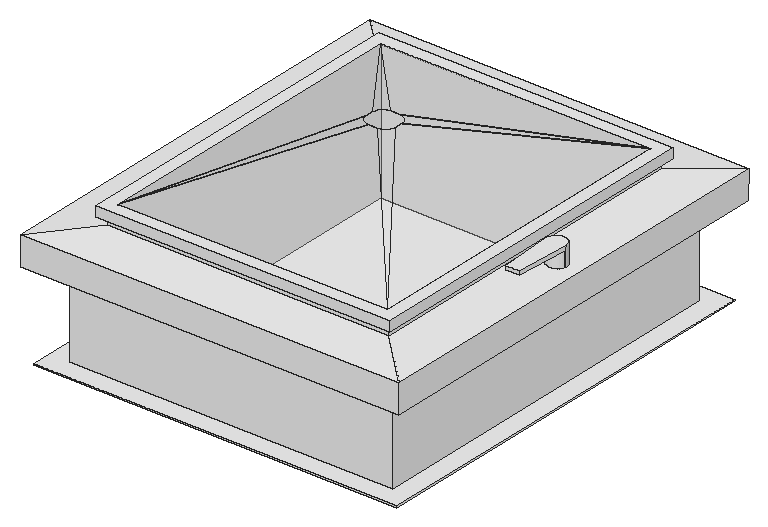
Revit family "Roof_Hatch-Best-Access-Doors-Domed-BA-ALRH-DO_Series", category Specialty Equipment, host Face, Revit 2017
Family settings
  Host = Face
  Round Connector Dimension = Use Diameter
  Part Type = Normal
  OmniClass Number = 23.40.00.00
  Cut with Voids When Loaded = Yes
  Shared = Yes
  Room Calculation Point = No
Parameters (values of type "BA-ALRH-DO-3844")
  Width = 30"
  URL = "https://www.bestaccessdoors.com/"
  Type Comments = ""
  Revised Date = "08/29/2018"  # constant formula
  Product data url = "https://bimobject.com/best-access-doors/product/domed-roof-hatch-aluminum"
  Product Page URL = ""
  Product Documentation Link = ""
  Model = "BA-ALRH-DO-3844"
  Material = "Aluminum-Best Access Doors-Mill Finish"  # constant formula
  Manufacturer = "Best Access Doors"  # constant formula
  Length = 12"  # constant formula
  Installation Type = "Surface Mount"  # constant formula
  Height = 36"
  Finish = Aluminum-Best Access Doors-Mill Finish
  Description = "Aluminum Domed Roof Hatch"  # constant formula
  Default Elevation = 0"  # constant formula
  Creation Date = "08/29/2018"  # constant formula
  Assembly Code = "C1020700"
Types (5): name | Width | Model | Height
  BA-ALRH-DO-3232 | 24" | "BA-ALRH-DO-3232" | 24"
  BA-ALRH-DO-3244 | 24" | "BA-ALRH-DO-3244" | 36"
  BA-ALRH-DO-3838 | 30" | "BA-ALRH-DO-3838" | 30"
  BA-ALRH-DO-3844 | 30" | "BA-ALRH-DO-3844" | 36"
  BA-ALRH-DO-4444 | 36" | "BA-ALRH-DO-4444" | 36"
Reference planes (in)
  plane 1 "Center (Front/Back)": y = 0
  plane 2: z = 0
  plane 3 "Center (Left/Right)": x = 0
  plane 4: x = 19.28125
  plane 5: x = -19.28125
  plane 6: y = 18
  plane 7: y = -18
  plane 8: x = 15
  plane 9: x = -15
  plane 10: z = 12
  plane 11: y = 22.287
  plane 12: y = -22.287
  plane 13: x = 11
  plane 14: x = 17
Forms (in)
  Sweep 1, solid, material "Aluminum-Best Access Doors-Mill Finish" <- "Finish"
    path origin (0, 0, 0) x (1, 0, 0) y (0, 1, 0)
      loop
        line (-15, 18) -> (-15, -18) -> (15, -18) -> (15, 18) -> (-15, 18)
    profile origin (0, 18, 0) x (0, 1, 0) y (0, 0, 1)
      loop
        line (-1.25, 0) -> (1.5, 0) -> (3.5, 0) -> (3.5, 0.125) -> (1.5, 0.125) -> (1.5, 8.08984) -> (2.25, 8.08984) -> (2.25, 9.08984) -> (4.287, 9.08984) -> (4.287, 12)
        arc (4.287, 12) -> (1.82612, 12.26049) -> (-0.64261, 12.43128) r 68.01455
        line (-0.64261, 12.43128) -> (-0.64261, 13.25) -> (0, 13.25) -> (0, 14.25) -> (-1.25, 14.25) -> (-1.25, 0)
  Extrusion 2, solid, material "Aluminum-Best Access Doors-Mill Finish" <- "Finish"
    sketch origin (0, 0, 0) x (1, 0, 0) y (0, 1, 0)
      loop
        line (-15, 18) -> (-15, -18) -> (15, -18) -> (15, 18) -> (-15, 18)
    from 0 to 0.125
  Extrusion 3, solid, material "Stainless Steel-Best Access Doors-Zinc Plated"
    sketch origin (3, 0, 0) x (1, 0, 0) y (0, 1, 0)
      loop
        line (13.28618, -4.82978) -> (14.71382, -4.82978) -> (14.99863, 0.6048)
        arc (14.99863, 0.6048) -> (14, 1.65713) -> (13.00137, 0.6048) r 1
        line (13.00137, 0.6048) -> (13.28618, -4.82978)
    from 12 to 14.00968
  Extrusion 4, void
    sketch origin (3, 0, 0) x (1, 0, 0) y (0, 1, 0)
      loop
        line (13.01417, 0.48937) -> (12.67599, 0.48937) -> (12.67599, -5.50698) -> (15.32401, -5.50698) -> (15.32401, 0.48937) -> (14.98583, 0.48937)
        arc (14.98583, 0.48937) -> (14, -0.34287) -> (13.01417, 0.48937) r 1
    from 12 to 13.62276
  Blend 5, solid, material "Glass-Best Access Doors-Clear"
    base sketch origin (0, 0, 0) x (1, 0, 0) y (0, 1, 0)
      loop
        line (-13.75, 16.75) -> (-13.75, -16.75) -> (13.75, -16.75) -> (13.75, 16.75) -> (-13.75, 16.75)
    top sketch origin (0, 0, 0) x (1, 0, 0) y (0, 1, 0)
      loop
        arc (-0.48261, 1.41233) -> (-1.18972, 1.11944) -> (-1.48261, 0.41233) r 1
        line (-1.48261, 0.41233) -> (-1.48261, -0.41233)
        arc (-1.48261, -0.41233) -> (-1.18972, -1.11944) -> (-0.48261, -1.41233) r 1
        line (-0.48261, -1.41233) -> (0.48261, -1.41233)
        arc (0.48261, -1.41233) -> (1.18972, -1.11944) -> (1.48261, -0.41233) r 1
        line (1.48261, -0.41233) -> (1.48261, 0.41233)
        arc (1.48261, 0.41233) -> (1.18972, 1.11944) -> (0.48261, 1.41233) r 1
        line (0.48261, 1.41233) -> (-0.48261, 1.41233)
    from 14.25 to 19.45479
Cuts and joins
  Extrusion 4 cuts Extrusion 2
  joined: Sweep 1, Extrusion 2
  Extrusion 4 cuts Extrusion 3
Lines and regions (in)
  Masking region 1
    outline origin (0, 0, 0) x (1, 0, 0) y (0, 1, 0)
      loop
        line (-19.287, 22.287) -> (-19.287, -22.287) -> (19.287, -22.287) -> (19.287, 22.287) -> (-19.287, 22.287)
  symbolic lines, detail levels medium+fine
    curve 1: line (-15, 18, 0) -> (15, 18, 0)
    curve 2: line (-15, -18, 0) -> (-15, 18, 0)
    curve 3: line (15, -18, 0) -> (-15, -18, 0)
    curve 4: line (15, 18, 0) -> (15, -18, 0)
    curve 5: line (-13.75, 16.75, 0) -> (13.75, 16.75, 0)
    curve 6: line (-13.75, -16.75, 0) -> (-13.75, 16.75, 0)
    curve 7: line (13.75, -16.75, 0) -> (-13.75, -16.75, 0)
    curve 8: line (13.75, 16.75, 0) -> (13.75, -16.75, 0)
    curve 9: line (16.00137, 0.6048, 0) -> (16.28618, -4.82978, 0)
    curve 10: line (16.28618, -4.82978, 0) -> (17.71382, -4.82978, 0)
    curve 11: line (17.71382, -4.82978, 0) -> (17.99863, 0.6048, 0)
    curve 12: arc (17.99863, 0.6048, 0) -> (17, 1.65713, 0) -> (16.00137, 0.6048, 0) r 1
    curve 13: line (-19.287, 22.287, 0) -> (-15, 18, 0)
    curve 14: line (15, 18, 0) -> (19.287, 22.287, 0)
    curve 15: line (15, -18, 0) -> (19.287, -22.287, 0)
    curve 16: line (-15, -18, 0) -> (-19.287, -22.287, 0)
Dimensions and locks (in)
  "Height": plane 6 to plane 7
  equal spacing: plane 9, plane 3 "Center (Left/Right)", plane 8
  "Width": plane 9 to plane 8
  locked: plane 5 to plane 9 at 4.28125
  locked: plane 8 to plane 4 at 4.28125
  "Length": plane 10 to level
  locked: plane 11 to plane 6 at 4.287
  equal spacing: plane 6, plane 1 "Center (Front/Back)", plane 7
  locked: plane 7 to plane 12 at 4.287
  locked: plane 10 to Sweep 1 sketch curve at 2.91016
  locked: plane 10 to Sweep 1 sketch curve at 3.91016
  locked: plane 11 to Sweep 1 sketch curve at 2.037
  locked: Sweep 1 sketch curve to plane 6 at 1.5
  locked: Sweep 1 sketch curve to level at 0.125
  locked: plane 11 to Sweep 1 sketch curve at 0.787
  locked: plane 8 to plane 14 at 2
  locked: plane 1 "Center (Front/Back)" to Extrusion 3 sketch curve at 0.65713
  equal spacing: Extrusion 4 sketch curve, plane 14, Extrusion 4 sketch curve
  locked: Extrusion 4 sketch curve to Extrusion 4 sketch curve at 2.64803
  locked: Extrusion 4 sketch curve to plane 1 "Center (Front/Back)" at 5.50698
  locked: Extrusion 4 sketch curve to plane 1 "Center (Front/Back)" at 0.48937
  locked: Sweep 1 sketch curve to plane 10 at 0.43128
  locked: plane 6 to Sweep 1 sketch curve at 0.64261
  locked: Sweep 1 sketch curve to Sweep 1 sketch curve at 1
  locked: Sweep 1 sketch curve to plane 10 at 2.25
  locked: plane 6 to Sweep 1 sketch curve at 1.25
  equal spacing: Blend 5 sketch curve, plane 1 "Center (Front/Back)", Blend 5 sketch curve
  locked: Blend 5 sketch curve to Blend 5 sketch curve at 2.82466
  equal spacing: Blend 5 sketch curve, plane 3 "Center (Left/Right)", Blend 5 sketch curve
  locked: Blend 5 sketch curve to Blend 5 sketch curve at 2.96523
  diameter of Extrusion 3 sketch curve = 2"
  aligned and locked: plane 2 to host face
  aligned and locked: level to host face
  aligned and locked: Sweep 1 sketch curve to plane 6
  aligned and locked: Sweep 1 sketch curve to plane 9
  aligned and locked: Sweep 1 sketch curve to plane 7
  aligned and locked: Sweep 1 sketch curve to plane 8
  aligned and locked: plane 11 to Sweep 1 sketch curve  (x2)
  aligned and locked: level to Sweep 1 sketch curve
  aligned and locked: Extrusion 2 to level
  aligned and locked: plane 14 to Extrusion 3 sketch curve
  aligned and locked: Extrusion 4 sketch curve to cut or joined group of Extrusion 3, Extrusion 4
  aligned and locked: Extrusion 4 sketch curve to Extrusion 4 sketch curve
  aligned and locked: plane 10 to Sweep 1 sketch curve
  aligned and locked: plane 6 to Sweep 1 sketch curve
  aligned and locked: cut or joined group of Sweep 1, Extrusion 2, Extrusion 4 to cut or joined group of Sweep 1, Extrusion 2, Extrusion 4
  aligned and locked: Blend 5 sketch curve to cut or joined group of Sweep 1, Extrusion 2, Extrusion 4  (x4)
  aligned and locked: Masking region 1 sketch curve to cut or joined group of Sweep 1, Extrusion 2, Extrusion 4  (x4)
  aligned and locked: curve 1 to cut or joined group of Sweep 1, Extrusion 2, Extrusion 4
  aligned and locked: curve 2 to cut or joined group of Sweep 1, Extrusion 2, Extrusion 4
  aligned and locked: curve 3 to cut or joined group of Sweep 1, Extrusion 2, Extrusion 4
  aligned and locked: curve 4 to cut or joined group of Sweep 1, Extrusion 2, Extrusion 4
  aligned and locked: curve 5 to cut or joined group of Sweep 1, Extrusion 2, Extrusion 4
  aligned and locked: curve 6 to cut or joined group of Sweep 1, Extrusion 2, Extrusion 4
  aligned and locked: curve 7 to cut or joined group of Sweep 1, Extrusion 2, Extrusion 4
  aligned and locked: curve 8 to cut or joined group of Sweep 1, Extrusion 2, Extrusion 4
  aligned and locked: curve 10 to cut or joined group of Extrusion 3, Extrusion 4
  aligned and locked: curve 11 to cut or joined group of Extrusion 3, Extrusion 4
  aligned and locked: curve 12 to cut or joined group of Extrusion 3, Extrusion 4
  aligned and locked: curve 3 to curve 16
  aligned and locked: curve 16 to Masking region 1
  aligned and locked: Masking region 1 to curve 16
  aligned and locked: Masking region 1 to curve 15
  aligned and locked: curve 4 to curve 15
  aligned and locked: curve 15 to Masking region 1
  aligned and locked: curve 14 to Masking region 1
  aligned and locked: curve 1 to curve 14
  aligned and locked: Masking region 1 to curve 14
  aligned and locked: Masking region 1 to curve 13
  aligned and locked: curve 2 to curve 13
  aligned and locked: curve 13 to Masking region 1
Automatic sketch dimensions
  host sketch curve to host sketch curve = 96"  (x2)
  Extrusion 3 sketch curve to plane 1 "Center (Front/Back)" = 0.6048"  (x2)
  plane 8 to Extrusion 3 sketch curve = 1.28618"
  Extrusion 3 sketch curve to Extrusion 3 sketch curve = 1.42763"
  plane 1 "Center (Front/Back)" to Extrusion 3 sketch curve = 4.82978"
  profile plane to Sweep 1 sketch curve = 4.10174"
  Sweep 1 sketch curve to Sweep 1 sketch curve = 0"
  plane 7 to Extrusion 2 sketch curve = 0"
  Extrusion 2 sketch curve to plane 9 = 0"
  Extrusion 2 sketch curve to plane 8 = 0"
  Extrusion 2 sketch curve to plane 6 = 0"
  plane 3 "Center (Left/Right)" to Blend 5 sketch curve = 0.48261"  (x2)
  Blend 5 sketch curve to plane 1 "Center (Front/Back)" = 0.41233"
  Blend 5 sketch curve to plane 3 "Center (Left/Right)" = 0.48261"
  curve 9 to plane 1 "Center (Front/Back)" = 0.6048"
  plane 14 to curve 9 = 0.71382"
  curve 11 to plane 1 "Center (Front/Back)" = 0.6048"
